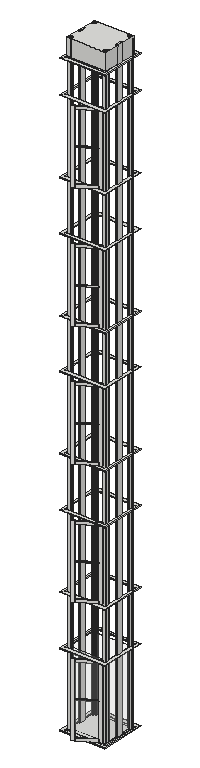
Revit family "NWL_Elevator_Artisan_Birdcage_Square_48x48", category Specialty Equipment, Revit 2026
Family settings
  Round Connector Dimension = Use Diameter
  Part Type = Normal
  Work Plane-Based = No
  Enable Cutting in Views = No
  Always vertical = Yes
  Cut with Voids When Loaded = No
  Maintain Annotation Orientation = No
  Shared = No
  Room Calculation Point = No
Parameters
  Voltage = 230 V
  Unit Height [instance] = if(Number of Stops = 2, Level1_Height + Level2_floor_thickness + Level2_Height + Level3_floor_thickness, if(Number of Stops = 3, Level1_Height + Level2_floor_thickness + Level2_Height + Level3_floor_thickness + Level3_Height + Level4_floor_thickness, if(Number of Stops = 4, Level1_Height + Level2_floor_thickness + Level2_Height + Level3_floor_thickness + Level3_Height + Level4_floor_thickness + Level4_Height + Level5_floor_thickness, if(Number of Stops = 5, Level1_Height + Level2_floor_thickness + Level2_Height + Level3_floor_thickness + Level3_Height + Level4_floor_thickness + Level4_Height + Level5_floor_thickness + Level5_Height + Level6_floor_thickness, 0.000"))))  # 660.000"
  URL = "https://www.elevators.com/"
  Specification = "https://www.arcat.com/company/nationwide-lifts-49670/spec"
  SpecWizard = ""
  Sales Information = "info@elevators.com"
  Ring_Width = 36.500"
  Ring_Length = 41.500"
  Product Data = "https://www.arcat.com/company/nationwide-lifts-49670/catalog"
  Poles = 1
  Platform_Width = 29.106"
  Platform_Length = 36.106"
  Number of Stops [instance] = 5
  Model = "Artisan Birdcage Square 44 x 33"
  Manufacturer Website = "https://www.elevators.com/"
  Manufacturer Phone - Toll Free = "(888) 695-4387"
  Manufacturer Phone = ""
  Manufacturer Fax = "(877) 825-6001"
  Manufacturer Email = "info@elevators.com"
  Manufacturer Address = "10-B Holden Ave, Queensbury, NY 12804"
  Manufacturer = "Nationwide Lifts"
  Machine_Height = 18.000"
  Load = 30 VA
  Level6_floor_thickness [instance] = 18.000"
  Level5_floor_thickness [instance] = 18.000"
  Level5_Height [instance] = 114.000"
  Level4_Height [instance] = 114.000"
  Level4_floor_thickness [instance] = 18.000"
  Level3_Height [instance] = 114.000"
  Level3_floor_thickness [instance] = 18.000"
  Level2_Height [instance] = 114.000"
  Level2_floor_thickness [instance] = 18.000"
  Level1_Height [instance] = 114.000"
  Level 5 Door [instance] = Number of Stops > 4  # yes
  Level 4 Door [instance] = Number of Stops > 3  # yes
  Level 3 Door [instance] = Number of Stops > 2  # yes
  Installation-Fabrication = ""
  Hoistway_Width = 31.856"
  Hoistway_Length = 34.096"
  Green Building-LEED = "https://www.arcat.com/company/nationwide-lifts-49670/leed"
  Glass = Glass
  Frame = Steel
  Default Elevation = 0.000"
  Construction Details = "https://www.arcat.com/company/nationwide-lifts-49670/cad"
  Cab_Height = 79.000"
Reference planes (in)
  plane 1 "Center (Front/Back)": y = 0
  plane 2: z = 0
  plane 3 "Center (Left/Right)": x = 0
  plane 4: x = 20.75
  plane 5: x = -20.75
  plane 6: y = -18.25
  plane 7: y = 18.25
  plane 8: y = 15.928
  plane 9: y = -15.928
  plane 10: x = 17.048
  plane 11: x = -17.048
  plane 12: y = -14.553
  plane 13: y = 14.553
  plane 14: x = 18.053
  plane 15: x = -18.053
  plane 16: z = 79
  plane 17: z = 78.5
  plane 18: z = 264
  plane 19: z = 132
  plane 20: z = 211
  plane 21: z = 132.5
  plane 22: z = 395.5
  plane 23: z = 343
  plane 24: z = 342.5
  plane 25: z = 210.5
  plane 26: z = 264.5
  plane 27: z = 474.5
  plane 28: z = 474
  plane 29: z = 396
  plane 30: z = 606.5
  plane 31: z = 606
  plane 32: z = 528
  plane 33: z = 641.5
  plane 34: z = 114
  plane 35: z = 246
  plane 36: z = 378
  plane 37: z = 527.5
  plane 38: z = 509.5
  plane 39: z = 659.5
  plane 40: z = 660
  plane 41: z = 660
  plane 42: z = 642
Forms (in)
  Extrusion 1, solid, material "Steel" <- "Frame"
    sketch origin (0, 0, 0) x (1, 0, 0) y (0, 1, 0)
      loop
        line (-20.75, 18.25) -> (-20.75, -18.25) -> (20.75, -18.25) -> (20.75, 18.25) -> (-20.75, 18.25)
    from 642 to 660
  Extrusion 2, solid, material "Steel"
    sketch origin (0, 0, 0) x (1, 0, 0) y (0, 1, 0)
      loop
        line (-21.428, 20.428) -> (-21.428, -20.428) -> (21.428, -20.428) -> (21.428, 20.428) -> (-21.428, 20.428)
    from 0 to 0.5
  Extrusion 3, solid, material "Glass" <- "Glass"
    sketch origin (0, 0, 0) x (1, 0, 0) y (0, 1, 0)
      loop
        line (19.67951, 2.86278) -> (19.67951, 14.81904) -> (19.42953, 14.81904) -> (19.42953, 2.86278) -> (19.67951, 2.86278)
      loop
        line (-17.18599, 15.94079) -> (17.18901, 15.94079) -> (17.18901, 16.19079) -> (-17.18599, 16.19079) -> (-17.18599, 15.94079)
      loop
        line (19.67951, -2.83717) -> (19.42953, -2.83717) -> (19.42953, -14.79343) -> (19.67951, -14.79343) -> (19.67951, -2.83717)
      loop
        line (-19.67649, 2.86278) -> (-19.4265, 2.86278) -> (-19.4265, 14.81904) -> (-19.67649, 14.81904) -> (-19.67649, 2.86278)
      loop
        line (-19.67649, -2.83717) -> (-19.67649, -14.79343) -> (-19.4265, -14.79343) -> (-19.4265, -2.83717) -> (-19.67649, -2.83717)
      loop
        line (-17.31349, -15.91515) -> (-17.31349, -16.16515) -> (17.31651, -16.16515) -> (17.31651, -15.91515) -> (-17.31349, -15.91515)
    from 0 to 78.5
  Extrusion 4, solid, material "Steel"
    sketch origin (-100, 0, 0) x (1, 0, 0) y (0, 1, 0)
      loop
        arc (79.75, 18.25) -> (79.38773, 18.11227) -> (79.25, 17.75) r 0.47304
        line (79.25, 17.75) -> (79.25, 15.93056) -> (80.07351, 15.93056) -> (80.07351, 14.06904) -> (80.32351, 14.06904) -> (80.32351, 14.81904) -> (80.5735, 14.81904) -> (80.5735, 14.05556) -> (80.81944, 14.05556) -> (80.81944, 14.45833) -> (80.94444, 14.45833) -> (80.94444, 14.80556) -> (81.08333, 14.80556) -> (81.08333, 15.41667) -> (82.68056, 15.41667) -> (82.68056, 15.55556) -> (83.04167, 15.55556) -> (83.04167, 15.68056) -> (83.43056, 15.68056) -> (83.43056, 15.94079) -> (82.81401, 15.94079) -> (82.81401, 16.19079) -> (83.43651, 16.19079) -> (83.43651, 16.44079) -> (82.68651, 16.44079) -> (82.68651, 18.25) -> (79.75, 18.25)
      loop
        line (120.25, 18.25) -> (117.31349, 18.25) -> (117.31349, 16.44079) -> (116.56349, 16.44079) -> (116.56349, 16.19079) -> (117.18599, 16.19079) -> (117.18599, 15.94079) -> (116.56944, 15.94079) -> (116.56944, 15.68056) -> (116.95833, 15.68056) -> (116.95833, 15.55556) -> (117.31944, 15.55556) -> (117.31944, 15.41667) -> (118.91667, 15.41667) -> (118.91667, 14.80556) -> (119.05556, 14.80556) -> (119.05556, 14.45833) -> (119.18056, 14.45833) -> (119.18056, 14.05556) -> (119.4265, 14.05556) -> (119.4265, 14.81904) -> (119.67649, 14.81904) -> (119.67649, 14.06904) -> (119.92649, 14.06904) -> (119.92649, 15.93056) -> (120.75, 15.93056) -> (120.75, 17.75)
        arc (120.75, 17.75) -> (120.61227, 18.11227) -> (120.25, 18.25) r 0.47304
      loop
        line (79.75, -18.23611) -> (82.68651, -18.23611) -> (82.68651, -16.4269) -> (83.43651, -16.4269) -> (83.43651, -16.1769) -> (82.81401, -16.1769) -> (82.81401, -15.9269) -> (83.43056, -15.9269) -> (83.43056, -15.66667) -> (83.04167, -15.66667) -> (83.04167, -15.54167) -> (82.68056, -15.54167) -> (82.68056, -15.40278) -> (81.08333, -15.40278) -> (81.08333, -14.79167) -> (80.94444, -14.79167) -> (80.94444, -14.44444) -> (80.81944, -14.44444) -> (80.81944, -14.04167) -> (80.5735, -14.04167) -> (80.5735, -14.80515) -> (80.32351, -14.80515) -> (80.32351, -14.05515) -> (80.07351, -14.05515) -> (80.07351, -15.91667) -> (79.25, -15.91667) -> (79.25, -17.73611)
        arc (79.25, -17.73611) -> (79.38773, -18.09838) -> (79.75, -18.23611) r 0.47304
      loop
        arc (120.25, -18.23611) -> (120.61227, -18.09838) -> (120.75, -17.73611) r 0.47304
        line (120.75, -17.73611) -> (120.75, -15.91667) -> (119.92649, -15.91667) -> (119.92649, -14.05515) -> (119.67649, -14.05515) -> (119.67649, -14.80515) -> (119.4265, -14.80515) -> (119.4265, -14.04167) -> (119.18056, -14.04167) -> (119.18056, -14.44444) -> (119.05556, -14.44444) -> (119.05556, -14.79167) -> (118.91667, -14.79167) -> (118.91667, -15.40278) -> (117.31944, -15.40278) -> (117.31944, -15.54167) -> (116.95833, -15.54167) -> (116.95833, -15.66667) -> (116.56944, -15.66667) -> (116.56944, -15.9269) -> (117.18599, -15.9269) -> (117.18599, -16.1769) -> (116.56349, -16.1769) -> (116.56349, -16.4269) -> (117.31349, -16.4269) -> (117.31349, -18.23611) -> (120.25, -18.23611)
      loop
        line (79.25, -2.59722) -> (80.07351, -2.59722) -> (80.07351, -3.34722) -> (80.32351, -3.34722) -> (80.32351, -2.84721) -> (80.5735, -2.84721) -> (80.5735, -3.34554) -> (80.81944, -3.34554) -> (80.81944, -2.94276) -> (80.94444, -2.94276) -> (80.94444, -2.59554) -> (81.08333, -2.59554) -> (81.08333, 2.61111) -> (80.94444, 2.61111) -> (80.94444, 2.95833) -> (80.81944, 2.95833) -> (80.81944, 3.36111) -> (80.5735, 3.36111) -> (80.5735, 2.86278) -> (80.32351, 2.86278) -> (80.32351, 3.36279) -> (80.07351, 3.36279) -> (80.07351, 2.61279) -> (79.25, 2.61279) -> (79.25, -2.59722)
      loop
        line (120.75303, -2.59722) -> (120.75303, 2.61279) -> (119.92951, 2.61279) -> (119.92951, 3.36279) -> (119.67951, 3.36279) -> (119.67951, 2.86278) -> (119.42953, 2.86278) -> (119.42953, 3.36111) -> (119.18358, 3.36111) -> (119.18358, 2.95833) -> (119.05858, 2.95833) -> (119.05858, 2.61111) -> (118.91969, 2.61111) -> (118.91969, -2.59554) -> (119.05858, -2.59554) -> (119.05858, -2.94276) -> (119.18358, -2.94276) -> (119.18358, -3.34554) -> (119.42953, -3.34554) -> (119.42953, -2.84721) -> (119.67951, -2.84721) -> (119.67951, -3.34722) -> (119.92951, -3.34722) -> (119.92951, -2.59722) -> (120.75303, -2.59722)
    from 0 to 660
Dimensions and locks (in)
  equal spacing: plane 6, plane 1 "Center (Front/Back)", plane 7
  "Ring_Width": plane 6 to plane 7
  equal spacing: plane 5, plane 3 "Center (Left/Right)", plane 4
  "Ring_Length": plane 5 to plane 4
  equal spacing: plane 11, plane 3 "Center (Left/Right)", plane 10
  "Hoistway_Length": plane 11 to plane 10
  equal spacing: plane 9, plane 1 "Center (Front/Back)", plane 8
  "Hoistway_Width": plane 9 to plane 8
  equal spacing: plane 15, plane 3 "Center (Left/Right)", plane 14
  "Platform_Length": plane 15 to plane 14
  equal spacing: plane 12, plane 1 "Center (Front/Back)", plane 13
  "Platform_Width": plane 12 to plane 13
  "Cab_Height": plane 16 to level
  locked: plane 16 to plane 17 at 0.5
  "Cab_Height": plane 20 to plane 19
  "Cab_Height": plane 23 to plane 18
  locked: plane 21 to plane 19 at 0.5
  locked: plane 26 to plane 18 at 0.5
  locked: plane 20 to plane 25 at 0.5
  locked: plane 23 to plane 24 at 0.5
  locked: plane 30 to plane 31 at 0.5
  "Level1_Height": plane 34 to level
  "Level2_floor_thickness": plane 19 to plane 34
  "Level3_floor_thickness": plane 18 to plane 35
  "Level2_Height": plane 35 to plane 19
  locked: plane 29 to plane 22 at 0.5
  "Level4_floor_thickness": plane 29 to plane 36
  "Level3_Height": plane 36 to plane 18
  locked: plane 32 to plane 37 at 0.5
  "Level5_floor_thickness": plane 37 to plane 38
  "Level4_Height": plane 38 to plane 22
  "Level6_floor_thickness": plane 39 to plane 33
  "Level5_Height": plane 33 to plane 37
  "Unit Height": plane 40 to level
  "Cab_Height": plane 27 to plane 22
  locked: plane 27 to plane 28 at 0.5
  "Cab_Height": plane 30 to plane 37
  locked: plane 41 to plane 42 at 18
  aligned and locked: level to plane 2
  aligned and locked: plane 41 to plane 40
  aligned and locked: nested 2 to plane 17
  aligned and locked: nested 3 to plane 19
  aligned and locked: nested 4 to plane 25
  aligned and locked: nested 5 to plane 18
  aligned and locked: nested 6 to plane 24
  aligned and locked: nested 7 to plane 22
  aligned and locked: nested 8 to plane 28
  aligned and locked: nested 9 to plane 37
  aligned and locked: nested 10 to plane 31
  aligned and locked: nested 11 to plane 33
  aligned and locked: plane 17 to Extrusion 3
  aligned and locked: plane 41 to Extrusion 4
Automatic sketch dimensions
  Extrusion 1 sketch curve to plane 5 = 0.000"
  Extrusion 1 sketch curve to plane 4 = 0.000"
  plane 6 to Extrusion 1 sketch curve = 0.000"
  plane 7 to Extrusion 1 sketch curve = 0.000"
  Extrusion 2 sketch curve to plane 11 = 4.380"
  plane 10 to Extrusion 2 sketch curve = 4.380"
  plane 9 to Extrusion 2 sketch curve = 4.500"
  Extrusion 2 sketch curve to plane 8 = 4.500"
  Extrusion 3 sketch curve to plane 4 = 40.42649"
  Extrusion 3 sketch curve to Extrusion 3 sketch curve = 0.000"
  Extrusion 3 sketch curve to Extrusion 3 sketch curve = 0.24999"  (x4)
  Extrusion 3 sketch curve to Extrusion 3 sketch curve = 2.11301"  (x2)
  Extrusion 3 sketch curve to Extrusion 3 sketch curve = 2.24051"  (x2)
  Extrusion 3 sketch curve to Extrusion 3 sketch curve = 34.375"
  Extrusion 3 sketch curve to Extrusion 3 sketch curve = 0.1275"
  plane 7 to Extrusion 3 sketch curve = 34.41515"
  Extrusion 3 sketch curve to Extrusion 3 sketch curve = 0.250"  (x2)
  Extrusion 3 sketch curve to Extrusion 3 sketch curve = 1.12172"  (x2)
  Extrusion 3 sketch curve to Extrusion 3 sketch curve = 11.95626"  (x4)
  Extrusion 3 sketch curve to Extrusion 3 sketch curve = 5.69994"  (x2)
  Extrusion 3 sketch curve to Extrusion 3 sketch curve = 1.12175"
  Extrusion 4 sketch curve to plane 4 = 41.500"
  Extrusion 4 sketch curve to Extrusion 4 sketch curve = 0.000"  (x4)
  Extrusion 4 sketch curve to Extrusion 4 sketch curve = 0.47222"  (x5)
  Extrusion 4 sketch curve to Extrusion 4 sketch curve = 0.02778"  (x6)
  Extrusion 4 sketch curve to Extrusion 4 sketch curve = 0.82351"  (x6)
  Extrusion 4 sketch curve to Extrusion 4 sketch curve = 0.250"  (x14)
  Extrusion 4 sketch curve to Extrusion 4 sketch curve = 0.24999"  (x12)
  Extrusion 4 sketch curve to Extrusion 4 sketch curve = 0.24594"  (x6)
  Extrusion 4 sketch curve to Extrusion 4 sketch curve = 0.125"  (x12)
  Extrusion 4 sketch curve to Extrusion 4 sketch curve = 0.13889"  (x10)
  Extrusion 4 sketch curve to Extrusion 4 sketch curve = 1.59722"  (x4)
  Extrusion 4 sketch curve to Extrusion 4 sketch curve = 0.00596"  (x6)
  Extrusion 4 sketch curve to Extrusion 4 sketch curve = 0.1275"  (x4)
  Extrusion 4 sketch curve to Extrusion 4 sketch curve = 0.22765"  (x4)
  Extrusion 4 sketch curve to Extrusion 4 sketch curve = 0.38889"  (x4)
  Extrusion 4 sketch curve to Extrusion 4 sketch curve = 33.12697"
  Extrusion 4 sketch curve to Extrusion 4 sketch curve = 0.36111"  (x2)
  Extrusion 4 sketch curve to Extrusion 4 sketch curve = 0.00303"
  Extrusion 4 sketch curve to Extrusion 4 sketch curve = 0.37094"  (x2)
  Extrusion 4 sketch curve to Extrusion 4 sketch curve = 1.00982"  (x2)
  Extrusion 4 sketch curve to Extrusion 4 sketch curve = 0.32351"  (x2)
  plane 7 to Extrusion 4 sketch curve = 36.48611"
  Extrusion 4 sketch curve to Extrusion 4 sketch curve = 1.80921"  (x2)
  Extrusion 4 sketch curve to Extrusion 4 sketch curve = 1.84722"  (x2)
  Extrusion 4 sketch curve to Extrusion 4 sketch curve = 0.26024"  (x4)
  Extrusion 4 sketch curve to Extrusion 4 sketch curve = 0.51389"
  Extrusion 4 sketch curve to Extrusion 4 sketch curve = 0.59763"  (x2)
  Extrusion 4 sketch curve to Extrusion 4 sketch curve = 0.01349"  (x6)
  Extrusion 4 sketch curve to Extrusion 4 sketch curve = 0.34722"  (x6)
  Extrusion 4 sketch curve to Extrusion 4 sketch curve = 0.38929"  (x2)
  Extrusion 4 sketch curve to Extrusion 4 sketch curve = 10.69444"  (x4)
  Extrusion 4 sketch curve to Extrusion 4 sketch curve = 0.00168"  (x6)
  Extrusion 4 sketch curve to Extrusion 4 sketch curve = 0.40278"  (x6)
  Extrusion 4 sketch curve to Extrusion 4 sketch curve = 0.50001"
  Extrusion 4 sketch curve to Extrusion 4 sketch curve = 0.09556"  (x3)
  Extrusion 4 sketch curve to Extrusion 4 sketch curve = 5.20665"  (x2)
  Extrusion 4 sketch curve to Extrusion 4 sketch curve = 0.36071"  (x2)
  Extrusion 4 sketch curve to Extrusion 4 sketch curve = 0.61111"  (x2)
  Extrusion 4 sketch curve to Extrusion 4 sketch curve = 1.11151"  (x2)
  Extrusion 4 sketch curve to Extrusion 4 sketch curve = 1.81944"  (x2)
Nested families (in)
  nested 1: "NWL_Elevator_Square_48x48_Ring" at (0, 0, 0), type "NWL_Elevator_Square_48x48_Ring"
    with Unit Height 660.000", Number of Stops 5, Level6_floor_thickness 18.000", Level5_floor_thickness 18.000", Level5_Height 114.000", Level4_floor_thickness 18.000", Level4_Height 114.000", Level3_floor_thickness 18.000", Level3_Height 114.000", Level2_floor_thickness 18.000", Level2_Height 114.000", Level1_Height 114.000", Level 5 Door yes, Level 4 Door yes, Level 3 Door yes
  nested 2: "NWL_Elevator_Square_48x48_Ring" at (0, 0, 78.5), type "NWL_Elevator_Square_48x48_Ring"
    with Unit Height 660.000", Number of Stops 5, Level6_floor_thickness 18.000", Level5_floor_thickness 18.000", Level5_Height 114.000", Level4_floor_thickness 18.000", Level4_Height 114.000", Level3_floor_thickness 18.000", Level3_Height 114.000", Level2_floor_thickness 18.000", Level2_Height 114.000", Level1_Height 114.000", Level 5 Door yes, Level 4 Door yes, Level 3 Door yes
  nested 3: "NWL_Elevator_Square_48x48_Ring" at (0, 0, 132), type "NWL_Elevator_Square_48x48_Ring"
    with Unit Height 660.000", Number of Stops 5, Level6_floor_thickness 18.000", Level5_floor_thickness 18.000", Level5_Height 114.000", Level4_floor_thickness 18.000", Level4_Height 114.000", Level3_floor_thickness 18.000", Level3_Height 114.000", Level2_floor_thickness 18.000", Level2_Height 114.000", Level1_Height 114.000", Level 5 Door yes, Level 4 Door yes, Level 3 Door yes
  nested 4: "NWL_Elevator_Square_48x48_Ring" at (0, 0, 210.5), type "NWL_Elevator_Square_48x48_Ring"
    with Unit Height 660.000", Number of Stops 5, Level6_floor_thickness 18.000", Level5_floor_thickness 18.000", Level5_Height 114.000", Level4_floor_thickness 18.000", Level4_Height 114.000", Level3_floor_thickness 18.000", Level3_Height 114.000", Level2_floor_thickness 18.000", Level2_Height 114.000", Level1_Height 114.000", Level 5 Door yes, Level 4 Door yes, Level 3 Door yes
  nested 5: "NWL_Elevator_Square_48x48_Ring" at (0, 0, 264), visible <- "Level 3 Door", type "NWL_Elevator_Square_48x48_Ring"
    with Unit Height 660.000", Number of Stops 5, Level6_floor_thickness 18.000", Level5_floor_thickness 18.000", Level5_Height 114.000", Level4_floor_thickness 18.000", Level4_Height 114.000", Level3_floor_thickness 18.000", Level3_Height 114.000", Level2_floor_thickness 18.000", Level2_Height 114.000", Level1_Height 114.000", Level 5 Door yes, Level 4 Door yes, Level 3 Door yes
  nested 6: "NWL_Elevator_Square_48x48_Ring" at (0, 0, 342.5), visible <- "Level 3 Door", type "NWL_Elevator_Square_48x48_Ring"
    with Unit Height 660.000", Number of Stops 5, Level6_floor_thickness 18.000", Level5_floor_thickness 18.000", Level5_Height 114.000", Level4_floor_thickness 18.000", Level4_Height 114.000", Level3_floor_thickness 18.000", Level3_Height 114.000", Level2_floor_thickness 18.000", Level2_Height 114.000", Level1_Height 114.000", Level 5 Door yes, Level 4 Door yes, Level 3 Door yes
  nested 7: "NWL_Elevator_Square_48x48_Ring" at (0, 0, 395.5), visible <- "Level 4 Door", type "NWL_Elevator_Square_48x48_Ring"
    with Unit Height 660.000", Number of Stops 5, Level6_floor_thickness 18.000", Level5_floor_thickness 18.000", Level5_Height 114.000", Level4_floor_thickness 18.000", Level4_Height 114.000", Level3_floor_thickness 18.000", Level3_Height 114.000", Level2_floor_thickness 18.000", Level2_Height 114.000", Level1_Height 114.000", Level 5 Door yes, Level 4 Door yes, Level 3 Door yes
  nested 8: "NWL_Elevator_Square_48x48_Ring" at (0, 0, 474), visible <- "Level 4 Door", type "NWL_Elevator_Square_48x48_Ring"
    with Unit Height 660.000", Number of Stops 5, Level6_floor_thickness 18.000", Level5_floor_thickness 18.000", Level5_Height 114.000", Level4_floor_thickness 18.000", Level4_Height 114.000", Level3_floor_thickness 18.000", Level3_Height 114.000", Level2_floor_thickness 18.000", Level2_Height 114.000", Level1_Height 114.000", Level 5 Door yes, Level 4 Door yes, Level 3 Door yes
  nested 9: "NWL_Elevator_Square_48x48_Ring" at (0, 0, 527.5), visible <- "Level 5 Door", type "NWL_Elevator_Square_48x48_Ring"
    with Unit Height 660.000", Number of Stops 5, Level6_floor_thickness 18.000", Level5_floor_thickness 18.000", Level5_Height 114.000", Level4_floor_thickness 18.000", Level4_Height 114.000", Level3_floor_thickness 18.000", Level3_Height 114.000", Level2_floor_thickness 18.000", Level2_Height 114.000", Level1_Height 114.000", Level 5 Door yes, Level 4 Door yes, Level 3 Door yes
  nested 10: "NWL_Elevator_Square_48x48_Ring" at (0, 0, 606), visible <- "Level 5 Door", type "NWL_Elevator_Square_48x48_Ring"
    with Unit Height 660.000", Number of Stops 5, Level6_floor_thickness 18.000", Level5_floor_thickness 18.000", Level5_Height 114.000", Level4_floor_thickness 18.000", Level4_Height 114.000", Level3_floor_thickness 18.000", Level3_Height 114.000", Level2_floor_thickness 18.000", Level2_Height 114.000", Level1_Height 114.000", Level 5 Door yes, Level 4 Door yes, Level 3 Door yes
  nested 11: "NWL_Elevator_Square_48x48_Ring" at (0, 0, 641.5), visible <- "Level 5 Door", type "NWL_Elevator_Square_48x48_Ring"
    with Unit Height 660.000", Number of Stops 5, Level6_floor_thickness 18.000", Level5_floor_thickness 18.000", Level5_Height 114.000", Level4_floor_thickness 18.000", Level4_Height 114.000", Level3_floor_thickness 18.000", Level3_Height 114.000", Level2_floor_thickness 18.000", Level2_Height 114.000", Level1_Height 114.000", Level 5 Door yes, Level 4 Door yes, Level 3 Door yes
  nested 12: "NWL_Door" at (5.78092, -24.89411, 0.5) x (-0.866, -0.5, 0) z (0, 0, 1), type "NWL_Door"
    with Width 26.633", Door Height 78.000"
  nested 13: "NWL_Door" at (5.78092, -24.89411, 132.5) x (-0.866, -0.5, 0) z (0, 0, 1), type "NWL_Door"
    with Width 26.633", Door Height 78.000"
  nested 14: "NWL_Door" at (5.78092, -24.89411, 264.5) x (-0.866, -0.5, 0) z (0, 0, 1), visible <- "Level 3 Door", type "NWL_Door"
    with Width 26.633", Door Height 78.000"
  nested 15: "NWL_Door" at (5.78092, -24.89411, 396) x (-0.866, -0.5, 0) z (0, 0, 1), visible <- "Level 4 Door", type "NWL_Door"
    with Width 26.633", Door Height 78.000"
  nested 16: "NWL_Door" at (5.78092, -24.89411, 528) x (-0.866, -0.5, 0) z (0, 0, 1), visible <- "Level 5 Door", type "NWL_Door"
    with Width 26.633", Door Height 78.000"
Connectors (in)
  electrical at (0, 0, 660), driven by "Voltage", driven by "Load", driven by "Poles"
    settings: on Extrusion 1, index 1, voltage 230 V, apparent load 0 VA, apparent load phase1 30 VA, apparent load phase2 0 VA, apparent load phase3 0 VA, power factor 1, load classification "Other", number of poles 1, system type 31, power factor state 1, is connector primary yes, connector utility no, sub classification motor no, connector description ""
Definition of nested family "NWL_Elevator_Square_48x48_Ring"
  Parameters (values of type "NWL_Elevator_Square_48x48_Ring")
    Voltage = 230 V
    Unit Height [instance] = if(Number of Stops = 2, Level1_Height + Level2_floor_thickness + Level2_Height + Level3_floor_thickness, if(Number of Stops = 3, Level1_Height + Level2_floor_thickness + Level2_Height + Level3_floor_thickness + Level3_Height + Level4_floor_thickness, if(Number of Stops = 4, Level1_Height + Level2_floor_thickness + Level2_Height + Level3_floor_thickness + Level3_Height + Level4_floor_thickness + Level4_Height + Level5_floor_thickness, if(Number of Stops = 5, Level1_Height + Level2_floor_thickness + Level2_Height + Level3_floor_thickness + Level3_Height + Level4_floor_thickness + Level4_Height + Level5_floor_thickness + Level5_Height + Level6_floor_thickness, 0.000"))))  # 660.000"
    URL = "https://www.elevators.com/"
    Specification = "https://www.arcat.com/company/nationwide-lifts-49670/spec"
    SpecWizard = ""
    Sales Information = "info@elevators.com"
    Ring_Width = 48.000"
    Ring_Length = 48.000"
    Product Data = "https://www.arcat.com/company/nationwide-lifts-49670/catalog"
    Poles = 1
    Platform_Width = 40.856"
    Platform_Length = 42.856"
    Number of Stops [instance] = 5
    Manufacturer Website = "https://www.elevators.com/"
    Manufacturer Phone - Toll Free = "(888) 695-4387"
    Manufacturer Phone = ""
    Manufacturer Fax = "(877) 825-6001"
    Manufacturer Email = "info@elevators.com"
    Manufacturer Address = "10-B Holden Ave, Queensbury, NY 12804"
    Manufacturer = "Nationwide Lifts"
    Machine_Height = 18.000"
    Load = 30 VA
    Level6_floor_thickness [instance] = 18.000"
    Level5_floor_thickness [instance] = 18.000"
    Level5_Height [instance] = 114.000"
    Level4_Height [instance] = 114.000"
    Level4_floor_thickness [instance] = 18.000"
    Level3_Height [instance] = 114.000"
    Level3_floor_thickness [instance] = 18.000"
    Level2_Height [instance] = 114.000"
    Level2_floor_thickness [instance] = 18.000"
    Level1_Height [instance] = 114.000"
    Level 5 Door [instance] = Number of Stops > 4  # yes
    Level 4 Door [instance] = Number of Stops > 3  # yes
    Level 3 Door [instance] = Number of Stops > 2  # yes
    Installation-Fabrication = ""
    Hoistway_Width = 45.356"
    Hoistway_Length = 45.356"
    Green Building-LEED = "https://www.arcat.com/company/nationwide-lifts-49670/leed"
    Glass = none
    Frame = none
    Default Elevation = 0.000"
    Construction Details = "https://www.arcat.com/company/nationwide-lifts-49670/cad"
    Cab_Height = 78.000"
  Reference planes (in)
    plane 1 "Center (Front/Back)": y = 0
    plane 2: z = 0
    plane 3 "Center (Left/Right)": x = 0
    plane 4: y = -24
    plane 5: y = 24
    plane 6: y = 22.678
    plane 7: y = -22.678
    plane 8: y = -20.428
    plane 9: y = 20.428
  Forms (in)
    Extrusion 1, solid
      sketch origin (0, 0, 0) x (1, 0, 0) y (0, 1, 0)
        loop
          line (-24, 24) -> (-24, -24) -> (24, -24) -> (24, 24) -> (-24, 24)
        loop
          line (-21.428, 20.428) -> (-21.428, -20.428) -> (21.428, -20.428) -> (21.428, 20.428) -> (-21.428, 20.428)
      from 0 to 0.5
  Dimensions and locks (in)
    equal spacing: plane 4, plane 1 "Center (Front/Back)", plane 5
    "Ring_Width": plane 4 to plane 5
    equal spacing: plane 7, plane 1 "Center (Front/Back)", plane 6
    "Hoistway_Width": plane 7 to plane 6
    equal spacing: plane 8, plane 1 "Center (Front/Back)", plane 9
    "Platform_Width": plane 8 to plane 9
    aligned and locked: level to plane 2
  Automatic sketch dimensions
    plane 9 to Extrusion 1 sketch curve = 0.000"
    plane 4 to Extrusion 1 sketch curve = 0.000"
    plane 8 to Extrusion 1 sketch curve = 0.000"
    plane 5 to Extrusion 1 sketch curve = 0.000"
    Extrusion 1 sketch curve to plane 3 "Center (Left/Right)" = 24.000"
    Extrusion 1 sketch curve to Extrusion 1 sketch curve = 2.572"  (x2)
    plane 3 "Center (Left/Right)" to Extrusion 1 sketch curve = 21.428"
Definition of nested family "NWL_Door"
  Parameters (values of type "NWL_Door")
    Width = 35.250"
    Door Height = 79.500"
    Default Elevation = 0.000"
  Reference planes (in)
    plane 1 "Center (Front/Back)": y = 0
    plane 2: z = 0
    plane 3 "Center (Left/Right)": x = 0
    plane 4: y = 1.5
    plane 5: x = 17.625
    plane 6: x = -17.625
    plane 7: x = -14.625
    plane 8: x = 14.625
    plane 9: z = 79.5
    plane 10: z = 76.5
    plane 11: z = 39.75
    plane 12: z = 40.25
    plane 13: z = 39.25
  Forms (in)
    Extrusion 1, solid
      sketch origin (0, 0, 0) x (1, 0, 0) y (0, 1, 0)
        loop
          line (-17.625, 1.5) -> (-17.625, 0) -> (-14.625, 0) -> (-14.625, 1.5) -> (-17.625, 1.5)
        loop
          line (14.625, 1.5) -> (14.625, 0) -> (17.625, 0) -> (17.625, 1.5) -> (14.625, 1.5)
      from 0 to 79.5
    Extrusion 2, solid
      sketch origin (0, 0, 0) x (1, 0, 0) y (0, 1, 0)
        loop
          line (-14.625, 1.5) -> (-14.625, 0) -> (14.625, 0) -> (14.625, 1.5) -> (-14.625, 1.5)
      from 0 to 3
    Extrusion 3, solid
      sketch origin (0, 0, 0) x (1, 0, 0) y (0, 1, 0)
        loop
          line (-14.625, 1.5) -> (-14.625, 0) -> (14.625, 0) -> (14.625, 1.5) -> (-14.625, 1.5)
      from 76.5 to 79.5
    Extrusion 4, solid
      sketch origin (0, 0, 0) x (1, 0, 0) y (0, 1, 0)
        loop
          line (-14.625, 1.5) -> (-14.625, 0) -> (14.625, 0) -> (14.625, 1.5) -> (-14.625, 1.5)
      from 39.25 to 40.25
  Dimensions and locks (in)
    "Door Height": plane 9 to level
    locked: plane 9 to plane 10 at 3
    locked: plane 7 to plane 6 at 3
    locked: plane 5 to plane 8 at 3
    equal spacing: plane 5, plane 3 "Center (Left/Right)", plane 6
    "Width": plane 5 to plane 6
    equal spacing: plane 9, plane 11, level
    equal spacing: plane 12, plane 11, plane 13
    locked: plane 12 to plane 13 at 1
    aligned and locked: plane 2 to level
    aligned and locked: Extrusion 1 to level
    aligned and locked: plane 9 to Extrusion 1
    aligned and locked: Extrusion 3 to plane 10
    aligned and locked: plane 9 to Extrusion 3
    aligned and locked: plane 12 to Extrusion 4
    aligned and locked: Extrusion 4 to plane 13
  Automatic sketch dimensions
    plane 1 "Center (Front/Back)" to Extrusion 1 sketch curve = 0.000"  (x2)
    Extrusion 1 sketch curve to plane 6 = 0.000"
    Extrusion 1 sketch curve to plane 7 = 0.000"
    plane 4 to Extrusion 1 sketch curve = 0.000"  (x2)
    Extrusion 1 sketch curve to plane 8 = 0.000"
    Extrusion 1 sketch curve to plane 5 = 0.000"
    plane 1 "Center (Front/Back)" to Extrusion 2 sketch curve = 0.000"
    Extrusion 2 sketch curve to plane 7 = 0.000"
    Extrusion 2 sketch curve to plane 8 = 0.000"
    plane 4 to Extrusion 2 sketch curve = 0.000"
    plane 1 "Center (Front/Back)" to Extrusion 3 sketch curve = 0.000"
    Extrusion 3 sketch curve to plane 7 = 0.000"
    Extrusion 3 sketch curve to plane 8 = 0.000"
    plane 4 to Extrusion 3 sketch curve = 0.000"
    plane 1 "Center (Front/Back)" to Extrusion 4 sketch curve = 0.000"
    Extrusion 4 sketch curve to plane 7 = 0.000"
    Extrusion 4 sketch curve to plane 8 = 0.000"
    plane 4 to Extrusion 4 sketch curve = 0.000"
